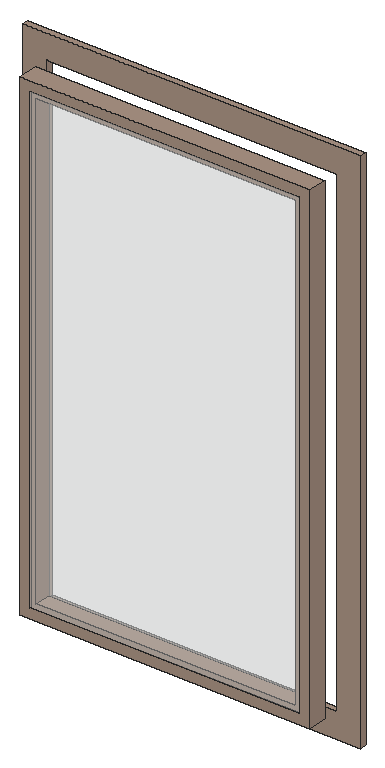
Revit family
Parameters (values of type "900 x 1500 mm")
  Height = 1500 mm
  Material of Glass Panel = Glass (2)
  Frame Width = 45 mm
  Frame Depth = 60 mm
  Material of Frame = Frame Material
  Default Sill Height = 800 mm
  TrimProjection = 20 mm
  Wall Closure = (empty or 0)
  Width = 900 mm
  Assembly Code = ""
Types (3, lengths in mm): name | Frame Width | Frame Depth | Width
  750 x 1500 mm | 60 | 80 | 750
  900 x 1500 mm | 45 | 60 | 900
  1000 x 1500 mm | 45 | 60 | 1000
Reference planes
  plane 1: y = 0
  plane 2 "Center (Left/Right)": x = 0
  plane 3 "Left": x = -450
  plane 4 "Right": x = 450
  plane 5 "Sill": z = 800
  plane 6 "Head": z = 2300
  plane 7 "Exterior": y = 75
  plane 8 "Interior": y = -75
  plane 9: x = -405
  plane 10: x = 405
  plane 11: y = 30
  plane 12: y = -30
  plane 13: z = 2255
  plane 14: z = 845
Forms (mm)
  Extrusion 1, solid, material "Frame Material" <- "Material of Frame"
    sketch origin (3500, 75, 0) x (-1, 0, 0) y (0, 0, 1)
      loop
        line (3050, 2300) -> (3050, 800) -> (3950, 800) -> (3950, 2300) -> (3050, 2300)
      loop
        line (2975, 2375) -> (2975, 725) -> (4025, 725) -> (4025, 2375) -> (2975, 2375)
    from 0 to 20
  Sweep 2, solid, material "Frame Material" <- "Material of Frame"
    path origin (0, 0, 0) x (1, 0, 0) y (0, 0, 1)
      loop
        line (-450, 800) -> (450, 800) -> (450, 2300) -> (-450, 2300) -> (-450, 800)
    profile origin (0, 0, 1550) x (-1, 0, 0) y (0, -1, 0)
      loop
        line (450, 30) -> (420, 30) -> (420, 26) -> (405, 26) -> (405, -26) -> (420, -26) -> (420, -30) -> (450, -30) -> (450, 30)
  Extrusion 3, solid, material "Glass (2)" <- "Material of Glass Panel"
    sketch origin (0, 0, 845) x (0, -1, 0) y (-1, 0, 0)
      loop
        line (-30, 420) -> (-30, -420) -> (-26, -420) -> (-26, 420) -> (-30, 420)
      loop
        line (26, 420) -> (26, -420) -> (30, -420) -> (30, 420) -> (26, 420)
    from 15 to -1425
Lines and regions (mm)
  Opening 1
    outline origin (3500, -75, 0) x (1, 0, 0) y (0, 0, 1)
      loop
        line (-3050, 800) -> (-3050, 2300) -> (-3950, 2300) -> (-3950, 800) -> (-3050, 800)
  symbolic lines, style "WindowsFrameMullionProjection", detail levels medium+fine
    curve 1: line (-450, 30, 0) -> (-450, -30, 0)
    curve 2: line (-450, 30, 0) -> (-420, 30, 0)
    curve 3: line (-420, 30, 0) -> (-420, 26, 0)
    curve 4: line (-420, 26, 0) -> (-405, 26, 0)
    curve 5: line (-405, 26, 0) -> (-405, -26, 0)
    curve 6: line (-405, -26, 0) -> (-420, -26, 0)
    curve 7: line (-420, -26, 0) -> (-420, -30, 0)
    curve 8: line (-450, -30, 0) -> (-420, -30, 0)
    curve 9: line (450, 30, 0) -> (450, -30, 0)
    curve 10: line (450, 30, 0) -> (420, 30, 0)
    curve 11: line (420, 30, 0) -> (420, 26, 0)
    curve 12: line (420, 26, 0) -> (405, 26, 0)
    curve 13: line (405, 26, 0) -> (405, -26, 0)
    curve 14: line (405, -26, 0) -> (420, -26, 0)
    curve 15: line (420, -26, 0) -> (420, -30, 0)
    curve 16: line (420, -30, 0) -> (450, -30, 0)
  symbolic lines, style "WindowsGlassProjection"
    curve 17: line (-420, 30, 0) -> (420, 30, 0)
    curve 18: line (-420, 26, 0) -> (420, 26, 0)
    curve 19: line (-420, -30, 0) -> (420, -30, 0)
    curve 20: line (-420, -26, 0) -> (420, -26, 0)
  symbolic lines, style "Trim"
    curve 21: line (-525, 75, 0) -> (525, 75, 0)
    curve 22: line (-525, 95, 0) -> (-525, 75, 0)
    curve 23: line (525, 95, 0) -> (-525, 95, 0)
    curve 24: line (525, 75, 0) -> (525, 95, 0)
  symbolic lines, style "WindowsFrameMullionProjection", detail levels coarse
    curve 25: line (-420, -30, 0) -> (-450, -30, 0)
    curve 26: line (-420, 30, 0) -> (-420, -30, 0)
    curve 27: line (-450, 30, 0) -> (-420, 30, 0)
    curve 28: line (-450, -30, 0) -> (-450, 30, 0)
    curve 29: line (420, 30, 0) -> (450, 30, 0)
    curve 30: line (420, -30, 0) -> (420, 30, 0)
    curve 31: line (450, -30, 0) -> (420, -30, 0)
    curve 32: line (450, 30, 0) -> (450, -30, 0)
Text (mm)
  text "EXTERIOR" at (-1981.535, 863.181, 0), in view "Ref. Level"
  text "INTERIOR" at (-2017.992, -707.606, 0), in view "Ref. Level"
  text "Exterior" at (0, 923.751, 2943.296), in view "Right"
  text "Exterior" at (0, 1019.841, 2788.626), in view "Left"
Dimensions and locks
  equal spacing: plane 3 "Left", plane 2 "Center (Left/Right)", plane 4 "Right"
  "Width": plane 3 "Left" to plane 4 "Right"
  "Height": plane 5 "Sill" to plane 6 "Head"
  "Default Sill Height": plane 5 "Sill" to level
  "TrimProjection": Extrusion 1 to host wall
  locked: plane 7 "Exterior" to host wall
  locked: plane 8 "Interior" to host wall
  "Frame Width": plane 3 "Left" to plane 9
  "Frame Width": plane 10 to plane 4 "Right"
  equal spacing: plane 12, plane 1, plane 11
  "Frame Depth": plane 12 to plane 11
  "Frame Width": plane 6 "Head" to plane 13
  "Frame Width": plane 14 to plane 5 "Sill"
  locked: Sweep 2 sketch curve to Sweep 2 sketch curve at 15  (x2)
  aligned and locked: host wall to Sweep 2 sketch curve
  aligned and locked: Sweep 2 sketch curve to host wall  (x3)
  aligned and locked: plane 12 to Sweep 2 sketch curve
  aligned and locked: Sweep 2 sketch curve to plane 3 "Left"
  aligned and locked: plane 11 to Sweep 2 sketch curve
  aligned and locked: plane 9 to Sweep 2 sketch curve  (x2)
  aligned and locked: Extrusion 3 sketch curve to Sweep 2  (x6)
  aligned and locked: Sweep 2 to Extrusion 3 sketch curve  (x2)
  aligned and locked: Extrusion 3 to Sweep 2  (x3)
  aligned and locked: Extrusion 3 to plane 11
  aligned and locked: plane 12 to Extrusion 3
  aligned and locked: curve 1 to Sweep 2
  aligned and locked: curve 2 to Sweep 2
  aligned and locked: curve 3 to Sweep 2
  aligned and locked: curve 4 to Sweep 2
  aligned and locked: curve 5 to Sweep 2
  aligned and locked: curve 6 to Sweep 2
  aligned and locked: Sweep 2 to curve 7
  aligned and locked: curve 7 to Sweep 2
  aligned and locked: curve 8 to Sweep 2
  aligned and locked: curve 9 to Sweep 2
  aligned and locked: curve 10 to Sweep 2
  aligned and locked: Sweep 2 to curve 11
  aligned and locked: curve 11 to Sweep 2
  aligned and locked: curve 13 to Sweep 2
  aligned and locked: Sweep 2 to curve 14
  aligned and locked: curve 15 to Sweep 2
  aligned and locked: Sweep 2 to curve 16
  aligned and locked: plane 11 to curve 17
  aligned and locked: Extrusion 1 to curve 21
  aligned and locked: curve 21 to Extrusion 1
  aligned and locked: curve 24 to Extrusion 1  (x2)
  aligned and locked: curve 28 to Sweep 2
  aligned and locked: plane 11 to curve 29
  aligned and locked: Sweep 2 to curve 32
Automatic sketch dimensions
  Opening 1 sketch curve to plane 3 "Left" = 0 mm
  Opening 1 sketch curve to plane 4 "Right" = 0 mm
  Opening 1 sketch curve to plane 5 "Sill" = 0 mm
  Opening 1 sketch curve to plane 6 "Head" = 0 mm
  Extrusion 1 sketch curve to plane 4 "Right" = 0 mm
  Extrusion 1 sketch curve to plane 3 "Left" = 0 mm
  Extrusion 1 sketch curve to plane 4 "Right" = 75 mm
  plane 3 "Left" to Extrusion 1 sketch curve = 75 mm
  Extrusion 1 sketch curve to plane 5 "Sill" = 0 mm
  Extrusion 1 sketch curve to plane 6 "Head" = 0 mm
  Extrusion 1 sketch curve to Extrusion 1 sketch curve = 75 mm
  Extrusion 1 sketch curve to plane 6 "Head" = 75 mm
  Sweep 2 sketch curve to Sweep 2 sketch curve = 4 mm  (x2)
  curve 18 to curve 3 = 0 mm
